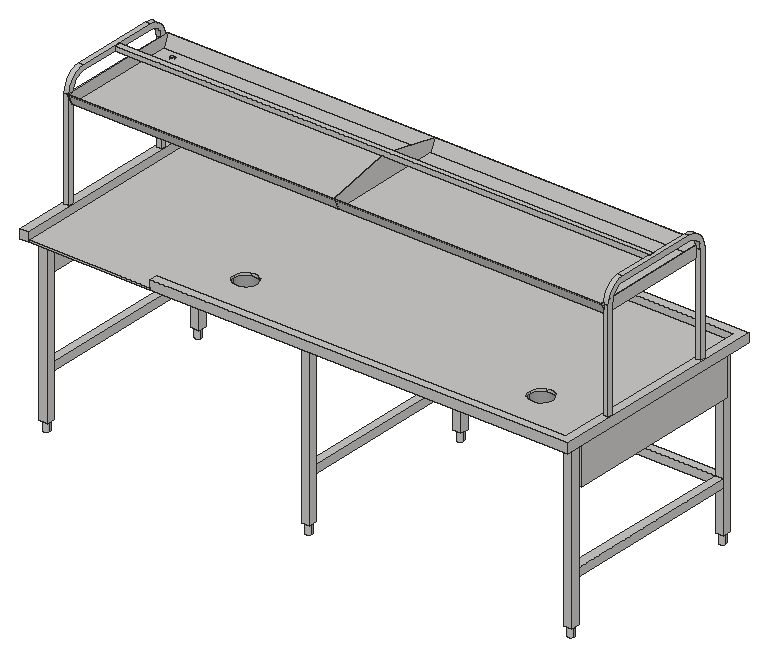
Revit family "QF_ZANUSSI_865346_BHST2711R", category Attrezzature speciali, Revit 2020
Family settings
  Quota connettore circolare = Usa diametro
  Tipo di parte = Normale
  Basato su piano di lavoro = No
  Sempre verticale = Sì
  Taglio con vuoti quando caricato = No
  Condiviso = No
  Punto di calcolo locali = No
Parameters (values of type "Standard")
  Weight = 25.00 kg
  Watts = 0 W
  Volts = 0 V
  URL Manufacturer = "http://www.zanussiprofessional.com"
  URL = "http://www.zanussiprofessional.com"
  Steam Supply Size = 0 mm
  Steam Supply Minimum Pressure = 0.0 Pa
  Steam Supply Maximum Pressure = 0.0 Pa
  Steam Consumption per Hour = 0
  Refrigeration Suction Line Size = 0 mm
  Refrigeration Liquid Line Size = 0 mm
  Refrigerant Compressor Remote = yes
  Prospetto di default = 0 mm
  Produttore = "Zanussi"
  Phase = 0
  Modello = "BHST2711R"
  Length Actual = 2700 mm  # constant formula
  Item Number = "865346"
  Hot Water Size = 0 mm
  Height Actual = 1551 mm  # constant formula
  HP = "0 HP"
  Gas Size = 0 mm
  Gas KW = 0
  Gas Input Pressure = 0 W
  Direct Waste Size = 0 mm
  Description = "SORTING TABLE, RIGHT>LEFT, 2700X1100 MM "
  Depth Actual = 1100 mm  # constant formula
  Cycle = 0 Hz
  Condensate Return Size = 0 mm
  Compressed Air Volume = 0.0 L/s
  Compressed Air Size = 0 mm
  Compressed Air Pressure = 0.0 Pa
  Cold Water Size = 0 mm
  Accessory = yes
Reference planes
  plane 1 "Centro (Fronte/Retro)": y = 0
  plane 2: z = 0
  plane 3 "Centro (Sinistra/Destra)": x = 0
  plane 4: z = 1492
  plane 5: x = 20
  plane 6: y = -557.5
  plane 7: x = 56
  plane 8: x = 2700
  plane 9: x = 1350
  plane 10: y = -1115
  plane 11: y = -88
  plane 12: y = -1023
Forms (mm)
  Extrusion 1, solid, material "QF_Finishes_Stainless Steel"
    sketch origin (0, 0, 865) x (1, 0, 0) y (0, 1, 0)
      loop
        line (40, -1115) -> (640, -1115) -> (640, -1075) -> (2660, -1075) -> (2660, -40) -> (40, -40) -> (40, -1115)
    from 0 to 10
  Extrusion 2, solid, material "QF_Finishes_Stainless Steel"
    sketch origin (0, 0, 865) x (1, 0, 0) y (0, 1, 0)
      loop
        line (0, 0) -> (0, -1115) -> (40, -1115) -> (40, -40) -> (2660, -40) -> (2660, -1075) -> (640, -1075) -> (640, -1115) -> (2700, -1115) -> (2700, 0) -> (0, 0)
    from 0 to 45
  Extrusion 3, solid, material "QF_Finishes_Stainless Steel"
    sketch origin (36, -178, 0) x (0, 1, 0) y (0, 0, 1)
      loop
        line (70, 299.579) -> (-825, 299.579) -> (-825, 259.579) -> (70, 259.579) -> (70, 299.579)
    from 0 to 40
  Sweep 4, solid, material "QF_Finishes_Stainless Steel"
    path origin (0, -178, -12) x (0, 1, 0) y (0, 0, 1)
      loop
        line (-95, 922) -> (-95, 1412)
        arc (-95, 1412) -> (-118.431, 1468.569) -> (-175, 1492) r 80
        line (-175, 1492) -> (-584, 1492)
        arc (-584, 1492) -> (-640.569, 1468.569) -> (-664, 1412) r 80
        line (-664, 1412) -> (-664, 922)
    profile origin (0, -273, 1155) x (0, -1, 0) y (1, 0, 0)
      loop
        line (-12, 8) -> (12, 8) -> (12, 32) -> (-12, 32) -> (-12, 8)
  Extrusion 5, solid, material "QF_Finishes_Stainless Steel"
    sketch origin (0, -178, 0) x (0, 1, 0) y (0, 0, 1)
      loop
        line (70, 865) -> (-825, 865) -> (-825, 660) -> (70, 660) -> (70, 865)
    from 20 to 36
  Extrusion 6, solid, material "QF_Finishes_Stainless Steel"
    sketch origin (-964, -68, 0) x (1, 0, 0) y (0, 1, 0)
      loop
        line (1000, 0) -> (1000, -40) -> (1040, -40) -> (1040, 0) -> (1000, 0)
    from 45 to 865
  Extrusion 7, solid, material "QF_Finishes_Stainless Steel"
    sketch origin (-964, -68, 0) x (1, 0, 0) y (0, 1, 0)
      loop
        circle (1020, -20) r 15
    from 0 to 45
  Extrusion 8, solid, material "QF_Finishes_Stainless Steel"
    sketch origin (-964, -1003, 0) x (1, 0, 0) y (0, 1, 0)
      loop
        line (1000, 0) -> (1000, -40) -> (1040, -40) -> (1040, 0) -> (1000, 0)
    from 45 to 865
  Extrusion 9, solid, material "QF_Finishes_Stainless Steel"
    sketch origin (-964, -1003, 0) x (1, 0, 0) y (0, 1, 0)
      loop
        circle (1020, -20) r 15
    from 0 to 45
  Extrusion 10, solid, material "QF_Finishes_Stainless Steel"
    sketch origin (0, -28, 0) x (1, 0, 0) y (0, 0, 1)
      loop
        line (76, 259.624) -> (1330, 259.624) -> (1330, 299.579) -> (76, 299.579) -> (76, 259.624)
    from 40 to 80
  Extrusion 11, solid, material "QF_Finishes_Stainless Steel"
    sketch origin (0, -178, -12) x (0, 1, 0) y (0, 0, 1)
      loop
        line (-367.5, 1504) -> (-391.5, 1504) -> (-391.5, 1480) -> (-367.5, 1480) -> (-367.5, 1504)
    from 32 to 2668
  Extrusion 12, void
    sketch origin (0, -178, -12) x (1, 0, 0) y (0, 1, 0)
      loop
        circle (108.268, -136.161) r 12
    from 1301.755 to 1377.519
  Extrusion 13, solid, material "QF_Finishes_Stainless Steel"
    sketch origin (0, -178, -12) x (1, 0, 0) y (0, 1, 0)
      loop
        circle (108.21, -136.146) r 13
    from 1316.037 to 1362.532
  Extrusion 14, void
    sketch origin (0, -178, -12) x (1, 0, 0) y (0, 1, 0)
      loop
        circle (108.268, -136.161) r 10
    from 1301.755 to 1377.519
  Extrusion 15, void
    sketch origin (1740, -349.25, 0) x (1, 0, 0) y (0, 1, 0)
      loop
        circle (610, -490) r 58
    from 674.596 to 947.421
  Extrusion 16, void
    sketch origin (280, -349.25, 0) x (1, 0, 0) y (0, 1, 0)
      loop
        circle (610, -490) r 58
    from 674.596 to 947.421
  Extrusion 17, solid, material "QF_Finishes_Stainless Steel"
    sketch origin (251, -178, 0) x (0, 1, 0) y (0, 0, 1)
      loop
        line (-367.5, 1468) -> (-391.5, 1468) -> (-687.809, 1406.976) -> (-663.034, 1353.844) -> (-95.966, 1353.844) -> (-71.191, 1406.976) -> (-367.5, 1468)
    from 1098 to 1100
  Extrusion 18, void
    sketch origin (32, -178, -6.687) x (0, 1, 0) y (0, 0, 1)
      loop
        line (-56.629, 1444.891) -> (-702.371, 1444.891) -> (-663.034, 1360.532) -> (-95.966, 1360.532) -> (-56.629, 1444.891)
    from 3.287 to 2634
  Extrusion 19, solid, material "QF_Finishes_Stainless Steel"
    sketch origin (32, -178, -12) x (0, 1, 0) y (0, 0, 1)
      loop
        line (-70.92, 1418.976) -> (-688.08, 1418.976) -> (-661.76, 1362.532) -> (-97.24, 1362.532) -> (-70.92, 1418.976)
    from 0 to 2636
  Extrusion 20, solid, material "QF_Finishes_Stainless Steel"
    sketch origin (2664, -178, 0) x (0, 1, 0) y (0, 0, -1)
      loop
        line (70, -299.579) -> (70, -259.579) -> (-825, -259.579) -> (-825, -299.579) -> (70, -299.579)
    from 0 to 40
  Sweep 21, solid, material "QF_Finishes_Stainless Steel"
    path origin (2700, -178, -12) x (0, 1, 0) y (0, 0, -1)
      loop
        line (-95, -922) -> (-95, -1412)
        arc (-95, -1412) -> (-118.431, -1468.569) -> (-175, -1492) r 80
        line (-175, -1492) -> (-584, -1492)
        arc (-584, -1492) -> (-640.569, -1468.569) -> (-664, -1412) r 80
        line (-664, -1412) -> (-664, -922)
    profile origin (2700, -273, 1155) x (0, 1, 0) y (-1, 0, 0)
      loop
        line (12, 8) -> (12, 32) -> (-12, 32) -> (-12, 8) -> (12, 8)
  Extrusion 22, solid, material "QF_Finishes_Stainless Steel"
    sketch origin (2700, -178, 0) x (0, 1, 0) y (0, 0, -1)
      loop
        line (70, -865) -> (70, -660) -> (-825, -660) -> (-825, -865) -> (70, -865)
    from 20 to 36
  Extrusion 23, solid, material "QF_Finishes_Stainless Steel"
    sketch origin (3664, -68, 0) x (-1, 0, 0) y (0, -1, 0)
      loop
        line (1000, 0) -> (1040, 0) -> (1040, 40) -> (1000, 40) -> (1000, 0)
    from 45 to 865
  Extrusion 24, solid, material "QF_Finishes_Stainless Steel"
    sketch origin (3664, -68, 0) x (-1, 0, 0) y (0, -1, 0)
      loop
        circle (1020, 20) r 15
    from 0 to 45
  Extrusion 25, solid, material "QF_Finishes_Stainless Steel"
    sketch origin (3664, -1003, 0) x (-1, 0, 0) y (0, -1, 0)
      loop
        line (1000, 0) -> (1040, 0) -> (1040, 40) -> (1000, 40) -> (1000, 0)
    from 45 to 865
  Extrusion 26, solid, material "QF_Finishes_Stainless Steel"
    sketch origin (3664, -1003, 0) x (-1, 0, 0) y (0, -1, 0)
      loop
        circle (1020, 20) r 15
    from 0 to 45
  Extrusion 27, solid, material "QF_Finishes_Stainless Steel"
    sketch origin (1370, -178, 0) x (0, 1, 0) y (0, 0, -1)
      loop
        line (70, -299.579) -> (70, -259.579) -> (-825, -259.579) -> (-825, -299.579) -> (70, -299.579)
    from 0 to 40
  Extrusion 28, solid, material "QF_Finishes_Stainless Steel"
    sketch origin (2370, -68, 0) x (-1, 0, 0) y (0, -1, 0)
      loop
        line (1000, 0) -> (1040, 0) -> (1040, 40) -> (1000, 40) -> (1000, 0)
    from 45 to 865
  Extrusion 29, solid, material "QF_Finishes_Stainless Steel"
    sketch origin (2370, -68, 0) x (-1, 0, 0) y (0, -1, 0)
      loop
        circle (1020, 20) r 15
    from 0 to 45
  Extrusion 30, solid, material "QF_Finishes_Stainless Steel"
    sketch origin (2370, -1003, 0) x (-1, 0, 0) y (0, -1, 0)
      loop
        line (1000, 0) -> (1040, 0) -> (1040, 40) -> (1000, 40) -> (1000, 0)
    from 45 to 865
  Extrusion 31, solid, material "QF_Finishes_Stainless Steel"
    sketch origin (2370, -1003, 0) x (-1, 0, 0) y (0, -1, 0)
      loop
        circle (1020, 20) r 15
    from 0 to 45
  Extrusion 32, solid, material "QF_Finishes_Stainless Steel"
    sketch origin (1294, -28, 0) x (1, 0, 0) y (0, 0, 1)
      loop
        line (76, 259.624) -> (1330, 259.624) -> (1330, 299.579) -> (76, 299.579) -> (76, 259.624)
    from 40 to 80
Cuts and joins
  Extrusion 12 cuts Extrusion 13
  Extrusion 15, Extrusion 16 cuts Extrusion 1
  Extrusion 14, Extrusion 18 cuts Extrusion 19
Dimensions and locks
  plane 4 to level = 1492 mm  (x2)
  Extrusion 2 to plane 8 = 2700 mm
  plane 8 to plane 3 "Centro (Sinistra/Destra)" = 2700 mm
  Extrusion 2 to Extrusion 2 = 1115 mm
  plane 1 "Centro (Fronte/Retro)" to plane 10 = 1115 mm
  Extrusion 6 to Extrusion 8 = 895 mm
  plane 11 to plane 12 = 935 mm
  Extrusion 10 to Extrusion 10 = 39.955 mm
  Sweep 4 to Sweep 4 = 545 mm
  aligned and locked: level to plane 2
  aligned and locked: Extrusion 7 to Extrusion 6
  aligned and locked: Extrusion 9 to Extrusion 8
  aligned and locked: Extrusion 23 to Extrusion 24
  aligned and locked: Extrusion 25 to Extrusion 26
  aligned and locked: Extrusion 28 to Extrusion 29
  aligned and locked: Extrusion 30 to Extrusion 31
Nested families
  nested 1: "FORO_IMMONDIZIE - 200" at (2350, -839, 863.471), type "FORO_IMMONDIZIE - 200"
  nested 2: "FORO_IMMONDIZIE - 200" at (890, -839, 863.471), type "FORO_IMMONDIZIE - 200"
Definition of nested family "FORO_IMMONDIZIE - 200"
  Parameters (values of type "FORO_IMMONDIZIE - 200")
    Default Elevation = 1219.2 mm
  Reference planes
    plane 1 "Centro (Fronte/Retro)": y = 0
    plane 2: z = 0
    plane 3 "Centro (Sinistra/Destra)": x = 0
    plane 4: z = -110
  Forms (mm)
    Extrusion 1, solid, not visible
      sketch origin (0, 0, 0) x (1, 0, 0) y (0, 1, 0)
        loop
          line (-1219.2, 1219.2) -> (-1219.2, -1219.2) -> (1219.2, -1219.2) -> (1219.2, 1219.2) -> (-1219.2, 1219.2)
      from 0 to -304.8
    Extrusion 2, solid
      sketch origin (0, 0, 0) x (1, 0, 0) y (0, 1, 0)
        loop
          circle (0, 0) r 60
        loop
          circle (0, 0) r 90
      from -110 to 1.529
  Dimensions and locks
    aligned and locked: plane 2 to Extrusion 1
    aligned and locked: level to Extrusion 1
